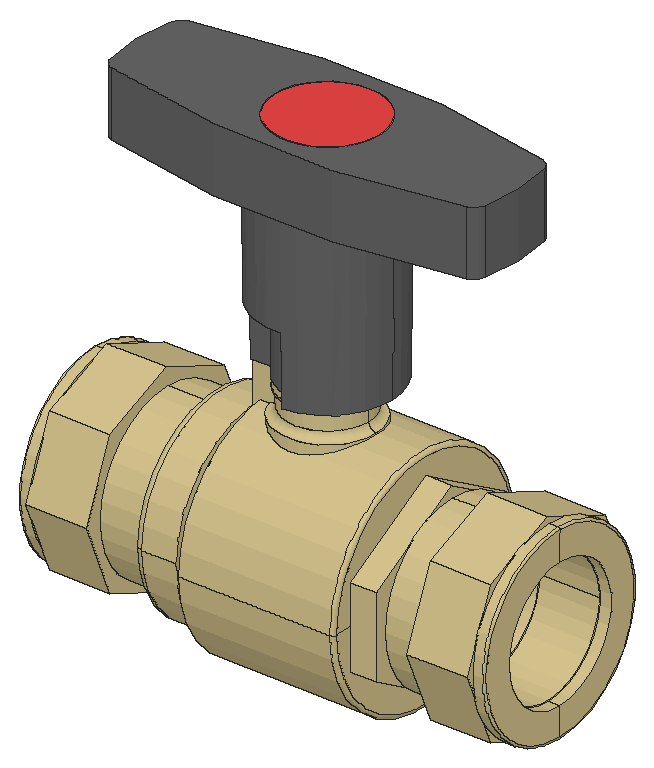
Revit family "QA10750000", category Apparecchi idraulici, Revit 2016
Family settings
  Tipo di parte = Normale
  Quota connettore circolare = Usa diametro
  Numero OmniClass = 23.45.00.00
  Titolo OmniClass = Sanitary, Laundry, and Cleaning Equipment
  Basato su piano di lavoro = No
  Sempre verticale = Sì
  Taglio con vuoti quando caricato = No
  Condiviso = No
  Punto di calcolo locali = No
Parameters
  URL = "https://web.cimberio.it/index.php/figura/1674?subcategoria_id=42864"
  Produttore = "CIMBERIO SPA"
  DN Model [instance] = QA10755035 : QA10755035
  DN [instance] = 32 mm
Reference planes
  plane 1 "Centro (Fronte/Retro)": y = 0
  plane 2: z = 0
  plane 3 "Centro (Sinistra/Destra)": x = 0
Dimensions and locks
  aligned and locked: level to plane 2
Nested families
  nested 1: "QA10755035" at (0, 0, 0), type <- "DN Model", type "QA10755035"
    with DN 10 mm
  nested 2: "QA10755035" at (0, 0, 0), type <- "DN Model", type "QA10755035"
    with DN 10 mm
  nested 3: "QA10755035" at (0, 0, 0), type <- "DN Model", type "QA10755035"
    with DN 10 mm
  nested 4: "QA10755035" at (0, 0, 0), type <- "DN Model", type "QA10755035"
    with DN 10 mm
  nested 5: "QA10755035" at (0, 0, 0), type <- "DN Model", type "QA10755035"
    with DN 10 mm
  nested 6: "QA10755035" at (0, 0, 0), type <- "DN Model", type "QA10755035"
    with DN 10 mm
  nested 7: "QA10755035" at (0, 0, 0), type <- "DN Model", type "QA10755035"
    with DN 10 mm
Connectors
  piping at (54.841, 0, 0), diameter 32, driven by "DN"
    settings: on nested 1, index 1, connector inside diameter 609.6 mm, connector length 0 mm, flow factor 0, pipe flow 0.0 L/s, pressure drop 0.0 Pa, fitting loss kfactor 0, connector angle 0.00°, fixture units 0, engagement length 0 mm, angle of deflection 0.00°, flow configuration 0, flow direction 0, fitting loss method 0, system type 7, joint type 0, gender type 0, connector reference index -1, connector utility 0, adjustable connector no, is connector primary yes, connector description ""
  piping at (-54.841, 0, 0), diameter 32, driven by "DN"
    settings: on nested 1, index 2, connector inside diameter 609.6 mm, connector length 0 mm, flow factor 0, pipe flow 0.0 L/s, pressure drop 0.0 Pa, fitting loss kfactor 0, connector angle 0.00°, fixture units 0, engagement length 0 mm, angle of deflection 0.00°, flow configuration 0, flow direction 0, fitting loss method 0, system type 7, joint type 0, gender type 0, connector reference index -1, connector utility 0, adjustable connector no, is connector primary no, connector description ""
Definition of nested family "QA10755035"
  Parameters (values of type "QA10755035")
    DN [instance] = 10 mm  # constant formula
  Reference planes
    plane 1 "Centro (Fronte/Retro)": y = 0
    plane 2: z = 0
    plane 3 "Centro (Sinistra/Destra)": x = 0
  Forms (mm)
    Revolve 1, solid
      sketch origin (0, 0, 0) x (1, 0, 0) y (0, 1, 0)
        loop
          line (-28, 16) -> (24.35, 16) -> (24.35, 27.5)
          arc (24.35, 27.5) -> (24.057, 28.207) -> (23.35, 28.5) r 1
          line (23.35, 28.5) -> (-14, 28.5) -> (-17.525, 24.975) -> (-25.988, 25)
          arc (-25.988, 25) -> (-27.41, 24.418) -> (-28, 23) r 2
          line (-28, 23) -> (-28, 16)
        axis (-28, 0) -> (24.35, 0)
      angle from 0 to 360
    Revolve 2, solid
      sketch origin (0, 0, 0) x (1, 0, 0) y (0, 0, 1)
        loop
          line (-28, 20.9) -> (-40.645, 20.9) -> (-40.645, 16) -> (-28, 16) -> (-28, 20.9)
        axis (-40.645, 0) -> (-28, 0)
      angle from 0 to 360
    Extrusion 3, solid
      sketch origin (-11, 0, 0) x (0, 0, 1) y (0, 1, 0)
        loop
          circle (0, 0) r 16
        loop
          line (25, 0) -> (17.678, 17.678) -> (0, 25) -> (-17.678, 17.678) -> (-25, 0) -> (-17.678, -17.678) -> (0, -25) -> (17.678, -17.678) -> (25, 0)
      from 28.841 to 43.841
    Revolve 4, solid
      sketch origin (0, 0, 0) x (1, 0, 0) y (0, 0, 1)
        loop
          line (-54.841, 23.5) -> (-57.34, 23.5)
          arc (-57.34, 23.5) -> (-57.694, 23.354) -> (-57.841, 23) r 0.5
          line (-57.841, 23) -> (-57.841, 16) -> (-54.841, 16) -> (-54.841, 23.5)
        axis (-57.841, 0) -> (-54.841, 0)
      angle from 0 to 360
    Revolve 5, solid
      sketch origin (0, 0, 0) x (-1, 0, 0) y (0, 0, -1)
        loop
          line (-54.841, -23.5) -> (-54.841, -16) -> (-57.841, -16) -> (-57.841, -23)
          arc (-57.841, -23) -> (-57.694, -23.354) -> (-57.34, -23.5) r 0.5
          line (-57.34, -23.5) -> (-54.841, -23.5)
        axis (-57.841, 0) -> (-54.841, 0)
      angle from 0 to 360
    Extrusion 6, solid
      sketch origin (0, 0, 0) x (0, 1, 0) y (0, 0, 1)
        loop
          circle (0, 0) r 16
        loop
          line (0, 23.5) -> (-23.5, 9.932) -> (-23.5, -9.932) -> (0, -23.5) -> (23.5, -9.932) -> (23.5, 9.932) -> (0, 23.5)
      from 24.35 to 31
    Revolve 7, solid
      sketch origin (0, 0, 0) x (1, 0, 0) y (0, 0, 1)
        loop
          line (31, 20.9) -> (31, 16) -> (39.841, 16) -> (39.841, 20.9) -> (31, 20.9)
        axis (31, 0) -> (39.841, 0)
      angle from 0 to 360
    Revolve 8, solid
      sketch origin (0, 0, 0) x (1, 0, 0) y (0, 0, 1)
        loop
          line (0.058, 43.3) -> (0.058, 25.32) -> (12.192, 25.32) -> (12.192, 28.544)
          arc (12.192, 28.544) -> (10.819, 29.112) -> (10.25, 30.485) r 1.942
          line (10.25, 30.485) -> (10.25, 34.475)
          arc (10.25, 34.475) -> (10.782, 34.708) -> (11, 35.246) r 0.772
          line (11, 35.246) -> (11, 43.3) -> (0.058, 43.3)
        axis (0.058, 25.32) -> (0.058, 43.3)
      angle from 0 to 360
    Extrusion 9, solid
      sketch origin (0, 0, 0) x (1, 0, 0) y (0, 0, 1)
        loop
          line (-16, 42.3) -> (-16, 24.971) -> (-8.27, 24.971) -> (-8.27, 42.3) -> (-16, 42.3)
      from 0 to 3.05
    Revolve 10, solid
      sketch origin (0, 0, 0) x (1, 0, 0) y (0, 0, 1)
        loop
          line (0, 44.3) -> (-9.027, 44.3) -> (-9.027, 43.3) -> (0, 43.3) -> (0, 44.3)
        axis (0, 44.3) -> (0, 43.3)
      angle from 0 to 360
    Extrusion 11, solid
      sketch origin (11, 0, 0) x (0, 0, 1) y (0, -1, 0)
        loop
          circle (0, 0) r 16
        loop
          line (25, 0) -> (17.678, 17.678) -> (0, 25) -> (-17.678, 17.678) -> (-25, 0) -> (-17.678, -17.678) -> (0, -25) -> (17.678, -17.678) -> (25, 0)
      from 28.841 to 43.841
    Extrusion 12, void
      sketch origin (0, 0, 28.55) x (1, 0, 0) y (0, 1, 0)
        loop
          line (-10.213, -4.292) -> (-16.653, -4.292)
          arc (-16.653, -4.292) -> (-11.576, -17.429) -> (1.6, -22.403) r 17.25
          line (1.6, -22.403) -> (1.6, -11.265)
          arc (1.6, -11.265) -> (-5.401, -9.633) -> (-10.213, -4.292) r 12
      from 8.75 to 25.75
    Revolve 13, solid
      sketch origin (0, 0, 18.5) x (1, 0, 0) y (0, 0, 1)
        loop
          line (16.161, 18.8) -> (16.697, 60.874) -> (0, 60.874) -> (0, 18.8) -> (16.161, 18.8)
        axis (0, 60.874) -> (0, 18.8)
      angle from 0 to 360
    Extrusion 14, solid
      sketch origin (0, 0, 47.05) x (1, 0, 0) y (0, 1, 0)
        loop
          arc (46.61, 9.311) -> (45.545, 10.911) -> (43.908, 11.918) r 4.489
          arc (43.908, 11.918) -> (0.031, 17.476) -> (-43.846, 11.918) r 175.98
          arc (-43.846, 11.918) -> (-45.651, 10.957) -> (-46.61, 9.15) r 3.5
          arc (-46.61, 9.15) -> (-47.483, 0.039) -> (-46.595, -9.071) r 47.601
          arc (-46.595, -9.071) -> (-45.709, -10.796) -> (-44.042, -11.784) r 3.498
          arc (-44.042, -11.784) -> (0.015, -17.412) -> (44.072, -11.784) r 175.28
          arc (44.072, -11.784) -> (45.74, -10.796) -> (46.626, -9.071) r 3.498
          arc (46.626, -9.071) -> (47.513, 0.12) -> (46.61, 9.311) r 47.601
        loop
          circle (0, 0) r 13.016
      from 32.324 to 48.25
    Extrusion 15, solid
      sketch origin (0, 0, 47.05) x (1, 0, 0) y (0, 1, 0)
        loop
          circle (0, 0) r 13.016
      from 46.25 to 48.25
  Cuts and joins
    Extrusion 12 cuts Extrusion 9
    Extrusion 12 cuts Revolve 13
  Dimensions and locks
    aligned and locked: level to plane 2
